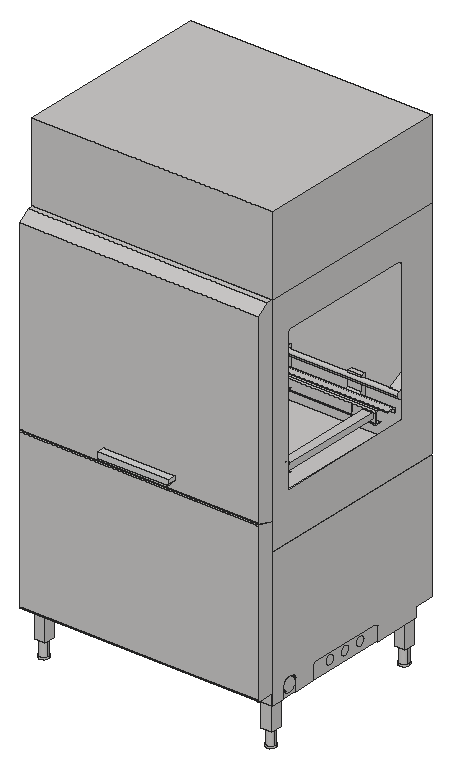
Revit family "QF_ELECTROLUXPROFESSIONAL_535136_NLDDRE5M", category Specialty Equipment, Revit 2023
Family settings
  Round Connector Dimension = Use Diameter
  Part Type = Normal
  Work Plane-Based = No
  Enable Cutting in Views = No
  Always vertical = Yes
  Cut with Voids When Loaded = No
  Maintain Annotation Orientation = No
  Shared = No
  Room Calculation Point = No
Parameters (values of type "NLDDRE56")
  Weight = 116.00 kg
  Watts = 0 W
  Volts = 400 V
  URL Manufacturer = "http://www.electroluxprofessional.com"
  URL = "http://www.electroluxprofessional.com"
  Steam Supply Size = 0 mm
  Steam Supply Minimum Pressure = 0.0 Pa
  Steam Supply Maximum Pressure = 0.0 Pa
  Steam Pounds per Hour = 0
  Show Logo [instance] = yes
  Refrigeration Suction Line Size = 0 mm
  Refrigeration Liquid Line Size = 0 mm
  Refrigerant Compressor Remote = yes
  R_L [instance] = not(L_R)  # no
  Manufacturer = "Electrolux Professional"
  Phase = 3
  Model = "NLDDRE5M"
  Length Actual = 890 mm
  Show Clearance [instance] = yes
  L_R [instance] = yes
  Item Number = "535136"
  Hot Water Size = 0 mm
  Height Actual = 1785 mm
  HP = "11.4 HP"
  Gas Size = 0 mm
  Gas KW = 0
  Gas Input Pressure = 0 W
  Direct Waste Size = 50 mm
  Description = "LARGE DRYER WITH DOOR, DUAL RINSE RT, ELECTRIC, 400V/ 3/ 50Hz - MARINE"
  Depth Actual = 825 mm
  Default Elevation = 0 mm
  DRAIN [instance] = if(L_R, 0 mm, 968 mm)  # 0 mm
  Cycle = 50 Hz
  Condensate Return Size = 0 mm
  Compressed Air Volume = 0.0 L/s
  Compressed Air Size = 0 mm
  Compressed Air Pressure = 0.0 Pa
  Cold Water Size = 0 mm
  Accessory = no
Types (2): name
  NLDDRE56
  Standard
Reference planes
  plane 1 "Center X": y = -16.742
  plane 2: z = 0
  plane 3 "2": x = 506.437
  plane 4 "BACK": y = 388.258
  plane 5 "FEET": z = 150
  plane 6: z = 2095
  plane 7 "BASE": z = 187
  plane 8 "TOP": z = 1785
  plane 9 "FRONT": y = -408.742
  plane 10: y = 311.258
  plane 11 "1": x = -383.563
  plane 12 "LEFT": x = -423.563
  plane 13 "RIGHT": x = 546.437
  plane 14 "DRAIN": x = -423.563
Forms (mm)
  Extrusion 1, solid, material "QF_Finishes_Stainless Steel"
    sketch origin (506.437, 479.936, 4000) x (0, 1, 0) y (0, 0, 1)
      loop
        line (-96.678, -2215) -> (-828.678, -2215) -> (-828.678, -2507) -> (-96.678, -2507) -> (-96.678, -2215)
    from -890 to 0
  Extrusion 2, solid, material "QF_Finishes_Stainless Steel"
    sketch origin (-383.563, 437.565, 4000) x (0, 1, 0) y (0, 0, 1)
      loop
        line (-54.307, -2507) -> (-786.307, -2507) -> (-786.307, -3850) -> (-126.307, -3850) -> (-126.307, -3812) -> (-54.307, -3812) -> (-54.307, -2507)
      loop
        line (-129.307, -2557) -> (-769.307, -2557) -> (-769.307, -3290) -> (-129.307, -3290) -> (-129.307, -2557)
    from 887 to 3
  Extrusion 3, solid, material "QF_Finishes_Stainless Steel"
    sketch origin (-383.563, 437.565, 4000) x (0, 1, 0) y (0, 0, 1)
      loop
        line (-59.307, -3342) -> (-781.307, -3342)
        arc (-781.307, -3342) -> (-784.843, -3343.464) -> (-786.307, -3347) r 5
        line (-786.307, -3347) -> (-786.307, -3850) -> (-741.307, -3850) -> (-741.307, -3813)
        arc (-741.307, -3813) -> (-711.307, -3783) -> (-681.307, -3813) r 30
        line (-681.307, -3813) -> (-681.307, -3850) -> (-602.807, -3850) -> (-602.807, -3803)
        arc (-602.807, -3803) -> (-598.414, -3792.393) -> (-587.807, -3788) r 15
        line (-587.807, -3788) -> (-317.807, -3788)
        arc (-317.807, -3788) -> (-307.201, -3792.393) -> (-302.807, -3803) r 15
        line (-302.807, -3803) -> (-302.807, -3850) -> (-126.307, -3850) -> (-126.307, -3812) -> (-54.307, -3812) -> (-54.307, -3347)
        arc (-54.307, -3347) -> (-55.772, -3343.464) -> (-59.307, -3342) r 5
    from 0 to 3
  Extrusion 4, solid, material "QF_Finishes_Stainless Steel"
    sketch origin (506.437, 479.936, 4000) x (0, 1, 0) y (0, 0, 1)
      loop
        line (-96.678, -2507) -> (-828.678, -2507) -> (-828.678, -3335)
        arc (-828.678, -3335) -> (-827.214, -3338.536) -> (-823.678, -3340) r 5
        line (-823.678, -3340) -> (-101.678, -3340)
        arc (-101.678, -3340) -> (-98.142, -3338.536) -> (-96.678, -3335) r 5
        line (-96.678, -3335) -> (-96.678, -2507)
      loop
        line (-248.879, -2635) -> (-744.477, -2635)
        arc (-744.477, -2635) -> (-756.64, -2640.038) -> (-761.678, -2652.201) r 17.201
        line (-761.678, -2652.201) -> (-761.678, -3167.258) -> (-231.678, -3167.258) -> (-231.678, -2652.201)
        arc (-231.678, -2652.201) -> (-236.716, -2640.038) -> (-248.879, -2635) r 17.201
    from -3 to 0
  Extrusion 5, solid, material "QF_Finishes_Stainless Steel"
    sketch origin (506.437, 479.936, 4000) x (0, 1, 0) y (0, 0, 1)
      loop
        line (-101.678, -3342) -> (-823.678, -3342)
        arc (-823.678, -3342) -> (-827.214, -3343.464) -> (-828.678, -3347) r 5
        line (-828.678, -3347) -> (-828.678, -3850) -> (-783.678, -3850) -> (-783.678, -3813)
        arc (-783.678, -3813) -> (-753.678, -3783) -> (-723.678, -3813) r 30
        line (-723.678, -3813) -> (-723.678, -3850) -> (-645.178, -3850) -> (-645.178, -3803)
        arc (-645.178, -3803) -> (-640.785, -3792.393) -> (-630.178, -3788) r 15
        line (-630.178, -3788) -> (-360.178, -3788)
        arc (-360.178, -3788) -> (-349.571, -3792.393) -> (-345.178, -3803) r 15
        line (-345.178, -3803) -> (-345.178, -3850) -> (-168.678, -3850) -> (-168.678, -3812) -> (-96.678, -3812) -> (-96.678, -3347)
        arc (-96.678, -3347) -> (-98.142, -3343.464) -> (-101.678, -3342) r 5
    from -3 to 0
  Extrusion 6, solid, material "QF_Finishes_Stainless Steel"
    sketch origin (-383.563, 437.565, 4000) x (0, 1, 0) y (0, 0, 1)
      loop
        circle (-454.307, -3813) r 15
      loop
        circle (-524.307, -3813) r 15
      loop
        circle (-384.307, -3813) r 15
    from 0 to 3
  Extrusion 7, solid, material "QF_Finishes_Stainless Steel"
    sketch origin (-383.563, 437.565, 4000) x (0, 1, 0) y (0, 0, 1)
      loop
        circle (-711.307, -3813) r 25
    from 0 to 3
  Extrusion 8, solid, material "QF_Finishes_Stainless Steel"
    sketch origin (506.437, 479.936, 4000) x (0, 1, 0) y (0, 0, 1)
      loop
        circle (-496.678, -3813) r 15
      loop
        circle (-566.678, -3813) r 15
      loop
        circle (-426.678, -3813) r 15
    from 0 to -3
  Extrusion 9, solid, material "QF_Finishes_Stainless Steel"
    sketch origin (506.437, 479.936, 4000) x (0, 1, 0) y (0, 0, 1)
      loop
        circle (-753.678, -3813) r 25
    from 0 to -3
  Extrusion 10, solid, material "QF_Finishes_Stainless Steel"
    sketch origin (-383.563, 437.565, 4000) x (0, 1, 0) y (0, 0, 1)
      loop
        line (-54.307, -2507) -> (-786.307, -2507) -> (-786.307, -3335)
        arc (-786.307, -3335) -> (-784.843, -3338.536) -> (-781.307, -3340) r 5
        line (-781.307, -3340) -> (-59.307, -3340)
        arc (-59.307, -3340) -> (-55.772, -3338.536) -> (-54.307, -3335) r 5
        line (-54.307, -3335) -> (-54.307, -2507)
      loop
        line (-206.509, -2635) -> (-702.106, -2635)
        arc (-702.106, -2635) -> (-714.269, -2640.038) -> (-719.307, -2652.201) r 17.201
        line (-719.307, -2652.201) -> (-719.307, -3167.258) -> (-189.307, -3167.258) -> (-189.307, -2652.201)
        arc (-189.307, -2652.201) -> (-194.345, -2640.038) -> (-206.509, -2635) r 17.201
    from 3 to 0
  Extrusion 11, solid, material "QF_Finishes_Stainless Steel", visible <- "L_R"
    sketch origin (-383.563, 0, 0) x (0, 1, 0) y (0, 0, 1)
      loop
        circle (-273.742, 187) r 25
    from 0 to -38
  Extrusion 12, solid, material "QF_Finishes_Stainless Steel", visible <- "R_L"
    sketch origin (506.437, 479.936, 4000) x (0, 1, 0) y (0, 0, 1)
      loop
        circle (-753.678, -3813) r 25
    from 0 to 38
  Extrusion 13, solid, material "QF_Finishes_Stainless Steel", not visible
    sketch origin (-423.563, 0, 0) x (0, 1, 0) y (0, 0, 1)
      loop
        circle (-273.742, 187) r 25
    from 0 to 2
  Extrusion 14, solid, material "QF_Clearance", detail levels coarse
    sketch origin (516.437, -74.242, 0) x (1, 0, 0) y (0, 1, 0)
      loop
        line (-900, 462.5) -> (-10, 462.5) -> (-10, 512.5) -> (-900, 512.5) -> (-900, 462.5)
    from -100 to 1785
Lines and regions (mm)
  symbolic lines
    curve 1: line (-383.563, 383.258, 0) -> (506.437, 383.258, 0)
    curve 2: line (-383.563, -348.742, 0) -> (-383.563, 383.258, 0)
    curve 3: line (506.437, -348.742, 0) -> (-383.563, -348.742, 0)
    curve 4: line (506.437, 383.258, 0) -> (506.437, -348.742, 0)
    curve 7: line (-383.563, 383.258, 0) -> (506.437, -348.742, 0)
    curve 14: line (-383.563, -16.742, 0) -> (-368.563, -16.742, 0)
    curve 15: line (491.437, -16.742, 0) -> (506.437, -16.742, 0)
  symbolic lines, style "SpecialityEquipment"
    curve 5: line (506.437, -281.742, 0) -> (-383.563, -281.742, 0)
    curve 6: line (-383.563, 308.258, 0) -> (506.437, 308.258, 0)
  symbolic lines, style "SpecialityEquipmentHiddenLines", visible <- "R_L"
    curve 8: line (546.437, -298.742, 0) -> (546.437, -248.742, 0)
    curve 9: line (546.437, -248.742, 0) -> (506.437, -248.742, 0)
    curve 10: line (546.437, -298.742, 0) -> (506.437, -298.742, 0)
  symbolic lines, style "SpecialityEquipmentHiddenLines", visible <- "L_R"
    curve 11: line (-423.563, -248.742, 0) -> (-423.563, -298.742, 0)
    curve 12: line (-423.563, -248.742, 0) -> (-383.563, -248.742, 0)
    curve 13: line (-423.563, -298.742, 0) -> (-383.563, -298.742, 0)
  symbolic lines, style "QF_Clearances"
    curve 16: line (-383.563, 438.258, 0) -> (506.437, 438.258, 0)
Dimensions and locks
  plane 4 "BACK" to plane 1 "Center X" to plane 9 "FRONT" = 405 mm, 392 mm
  plane 5 "FEET" to level = 150 mm
  plane 3 "2" to Extrusion 5 = 3 mm
  plane 5 "FEET" to plane 8 "TOP" = 1635 mm
  plane 4 "BACK" to plane 9 "FRONT" = 797 mm  (x2)
  nested 1 to nested 4 to nested 4 to nested 4 = 732 mm, 60 mm, 30 mm
  "DRAIN": plane 12 "LEFT" to plane 14 "DRAIN"
  aligned and locked: level to plane 2
Automatic sketch dimensions
  plane 8 "TOP" to Extrusion 1 sketch curve = 0 mm
  plane 9 "FRONT" to Extrusion 1 sketch curve = 60 mm
  Extrusion 1 sketch curve to plane 4 "BACK" = 5 mm
  Extrusion 1 sketch curve to Extrusion 1 sketch curve = 292 mm
  Extrusion 2 sketch curve to plane 5 "FEET" = 0 mm
  Extrusion 2 sketch curve to plane 10 = 0 mm
  plane 10 to Extrusion 2 sketch curve = 3 mm
  plane 9 "FRONT" to Extrusion 2 sketch curve = 77 mm
  Extrusion 2 sketch curve to Extrusion 2 sketch curve = 17 mm
  plane 7 "BASE" to Extrusion 2 sketch curve = 1 mm
  Extrusion 2 sketch curve to plane 4 "BACK" = 5 mm
  Extrusion 2 sketch curve to Extrusion 2 sketch curve = 522 mm
  plane 8 "TOP" to Extrusion 2 sketch curve = 342 mm
  Extrusion 2 sketch curve to Extrusion 2 sketch curve = 50 mm
  Extrusion 3 sketch curve to plane 5 "FEET" = 0 mm  (x3)
  Extrusion 3 sketch curve to plane 7 "BASE" = 0 mm
  Extrusion 3 sketch curve to plane 10 = 0 mm
  plane 7 "BASE" to Extrusion 3 sketch curve = 10 mm  (x2)
  Extrusion 3 sketch curve to plane 1 "Center X" = 151.5 mm
  Extrusion 3 sketch curve to Extrusion 3 sketch curve = 15 mm
  plane 1 "Center X" to Extrusion 3 sketch curve = 133.5 mm
  Extrusion 3 sketch curve to Extrusion 3 sketch curve = 78.5 mm
  Extrusion 3 sketch curve to Extrusion 3 sketch curve = 30 mm
  plane 9 "FRONT" to Extrusion 3 sketch curve = 65 mm
  Extrusion 3 sketch curve to Extrusion 3 sketch curve = 5 mm
  Extrusion 3 sketch curve to plane 4 "BACK" = 10 mm
  Extrusion 3 sketch curve to plane 4 "BACK" = 5 mm
  plane 7 "BASE" to Extrusion 3 sketch curve = 1 mm
  Extrusion 3 sketch curve to Extrusion 3 sketch curve = 465 mm
  plane 9 "FRONT" to Extrusion 4 sketch curve = 60 mm
  Extrusion 4 sketch curve to Extrusion 4 sketch curve = 5 mm
  plane 9 "FRONT" to Extrusion 4 sketch curve = 127 mm
  Extrusion 4 sketch curve to Extrusion 4 sketch curve = 17.201 mm  (x2)
  plane 10 to Extrusion 4 sketch curve = 80.201 mm
  plane 10 to Extrusion 4 sketch curve = 63 mm
  Extrusion 4 sketch curve to plane 4 "BACK" = 10 mm
  Extrusion 4 sketch curve to plane 4 "BACK" = 5 mm
  plane 7 "BASE" to Extrusion 4 sketch curve = 473 mm
  Extrusion 4 sketch curve to Extrusion 4 sketch curve = 167.742 mm
  plane 8 "TOP" to Extrusion 4 sketch curve = 437.201 mm
  Extrusion 4 sketch curve to Extrusion 4 sketch curve = 0 mm
  Extrusion 4 sketch curve to Extrusion 4 sketch curve = 145.201 mm
  Extrusion 5 sketch curve to plane 5 "FEET" = 0 mm  (x3)
  Extrusion 5 sketch curve to plane 7 "BASE" = 0 mm
  Extrusion 5 sketch curve to plane 10 = 0 mm
  plane 7 "BASE" to Extrusion 5 sketch curve = 10 mm  (x2)
  Extrusion 5 sketch curve to plane 1 "Center X" = 151.5 mm
  Extrusion 5 sketch curve to Extrusion 5 sketch curve = 15 mm
  plane 1 "Center X" to Extrusion 5 sketch curve = 133.5 mm
  Extrusion 5 sketch curve to Extrusion 5 sketch curve = 78.5 mm
  Extrusion 5 sketch curve to Extrusion 5 sketch curve = 30 mm
  plane 9 "FRONT" to Extrusion 5 sketch curve = 65 mm
  Extrusion 5 sketch curve to Extrusion 5 sketch curve = 5 mm
  Extrusion 5 sketch curve to plane 4 "BACK" = 10 mm
  Extrusion 5 sketch curve to plane 4 "BACK" = 5 mm
  plane 7 "BASE" to Extrusion 5 sketch curve = 1 mm
  Extrusion 5 sketch curve to Extrusion 5 sketch curve = 465 mm
  Extrusion 6 sketch curve to plane 7 "BASE" = 0 mm  (x3)
  Extrusion 6 sketch curve to plane 1 "Center X" = 0 mm
  Extrusion 6 sketch curve to Extrusion 6 sketch curve = 70 mm
  Extrusion 6 sketch curve to plane 1 "Center X" = 70 mm
  Extrusion 7 sketch curve to plane 7 "BASE" = 0 mm
  plane 9 "FRONT" to Extrusion 7 sketch curve = 135 mm
  Extrusion 8 sketch curve to plane 7 "BASE" = 0 mm  (x3)
  Extrusion 8 sketch curve to plane 1 "Center X" = 0 mm
  Extrusion 8 sketch curve to Extrusion 8 sketch curve = 70 mm
  Extrusion 8 sketch curve to plane 1 "Center X" = 70 mm
  Extrusion 9 sketch curve to plane 7 "BASE" = 0 mm
  plane 9 "FRONT" to Extrusion 9 sketch curve = 135 mm
  plane 9 "FRONT" to Extrusion 10 sketch curve = 60 mm
  Extrusion 10 sketch curve to Extrusion 10 sketch curve = 5 mm
  plane 9 "FRONT" to Extrusion 10 sketch curve = 127 mm
  Extrusion 10 sketch curve to Extrusion 10 sketch curve = 17.201 mm  (x2)
  plane 10 to Extrusion 10 sketch curve = 80.201 mm
  plane 10 to Extrusion 10 sketch curve = 63 mm
  Extrusion 10 sketch curve to plane 4 "BACK" = 10 mm
  Extrusion 10 sketch curve to plane 4 "BACK" = 5 mm
  plane 7 "BASE" to Extrusion 10 sketch curve = 473 mm
  Extrusion 10 sketch curve to Extrusion 10 sketch curve = 167.742 mm
  plane 8 "TOP" to Extrusion 10 sketch curve = 437.201 mm
  Extrusion 10 sketch curve to Extrusion 10 sketch curve = 0 mm
  Extrusion 10 sketch curve to Extrusion 10 sketch curve = 145.201 mm
  Extrusion 11 sketch curve to plane 7 "BASE" = 0 mm
  plane 9 "FRONT" to Extrusion 11 sketch curve = 135 mm
  Extrusion 12 sketch curve to plane 7 "BASE" = 0 mm
  plane 9 "FRONT" to Extrusion 12 sketch curve = 135 mm
  Extrusion 13 sketch curve to plane 7 "BASE" = 0 mm
  plane 9 "FRONT" to Extrusion 13 sketch curve = 135 mm
  plane 12 "LEFT" to Extrusion 14 sketch curve = 40 mm
  Extrusion 14 sketch curve to plane 13 "RIGHT" = 40 mm
  plane 4 "BACK" to Extrusion 14 sketch curve = 0 mm
  Extrusion 14 sketch curve to Extrusion 14 sketch curve = 50 mm
  curve 11 to plane 12 "LEFT" = 0 mm
  curve 13 to plane 11 "1" = 0 mm
  curve 16 to plane 11 "1" = 0 mm
  curve 9 to plane 3 "2" = 0 mm
  curve 16 to plane 3 "2" = 0 mm
  curve 8 to plane 13 "RIGHT" = 0 mm
  plane 9 "FRONT" to curve 4 = 60 mm
  curve 2 to curve 13 = 50 mm
  curve 3 to curve 8 = 50 mm
  curve 11 to curve 12 = 50 mm
  curve 8 to curve 8 = 50 mm
  curve 1 to plane 4 "BACK" = 5 mm
  curve 14 to plane 1 "Center X" = 0 mm
  plane 11 "1" to curve 14 = 15 mm
  curve 15 to plane 1 "Center X" = 0 mm
  curve 15 to curve 15 = 15 mm
  curve 10 to curve 5 = 17 mm
  plane 10 to curve 6 = 3 mm
  plane 4 "BACK" to curve 16 = 50 mm
  radius of Extrusion 6 sketch curve = 15 mm  (x3)
  radius of Extrusion 7 sketch curve = 25 mm
  radius of Extrusion 8 sketch curve = 15 mm  (x3)
  radius of Extrusion 9 sketch curve = 25 mm
  radius of Extrusion 11 sketch curve = 25 mm
  radius of Extrusion 12 sketch curve = 25 mm
  radius of Extrusion 13 sketch curve = 25 mm
Nested families
  nested 1: "Basket_Guide+Wash_Arm_35''" at (-348, 0, 0), type "Basket_Guide+Wash_Arm_35''"
  nested 2: "Foot_40x40_H150" at (-357.563, -326.742, 0) x (-1, 0, 0) z (0, 0, 1), type "Foot_40x40_H150"
  nested 3: "Foot_40x40_H150" at (-357.563, 289.258, 0) x (-1, 0, 0) z (0, 0, 1), type "Foot_40x40_H150"
  nested 4: "Door_35''" at (-289, 0, 0), Show Clearance <- "Show Clearance", type "Door_35''"
  nested 5: "Foot_40x40_H150" at (480.437, -326.742, 0), type "Foot_40x40_H150"
  nested 6: "Foot_40x40_H150" at (480.437, 289.258, 0), type "Foot_40x40_H150"
Connectors
  piping at (-423.563, -273.742, 187), diameter 50
    settings: on Extrusion 13, index 1, connector inside diameter 609.6 mm, connector length 0 mm, flow factor 0, pipe flow 0.0 L/s, pressure drop 0.0 Pa, fitting loss kfactor 0, connector angle 0.00°, fixture units 0, engagement length 0 mm, angle of deflection 0.00°, flow configuration 0, flow direction 2, fitting loss method 0, system type 16, joint type 0, gender type 0, connector reference index -1, connector utility 0, adjustable connector no, is connector primary yes, connector description "DRAIN"
Definition of nested family "Basket_Guide+Wash_Arm_35''"
  Parameters
    Default Elevation = 0 mm
  Reference planes
    plane 1: z = 0
    plane 2 "Center Y": x = 409.437
    plane 3 "LEFT": x = -35.563
    plane 4 "BACK": y = 383.258
    plane 5 "FRONT": y = -408.742
    plane 6: z = 150
    plane 7 "TOP": z = 1785
    plane 8: z = 875
    plane 9 "RIGHT": x = 854.437
    plane 10 "L1": x = 134.437
    plane 11 "L2": x = 684.437
  Forms (mm)
    Extrusion 1, solid
      sketch origin (427.437, -18.984, 0) x (0, -1, 0) y (0, 0, 1)
        loop
          line (264.703, 929.245) -> (264.703, 907.554) -> (312.758, 879.81) -> (312.758, 956.99) -> (264.703, 929.245)
        loop
          line (-259.187, 929.245) -> (-307.242, 956.99) -> (-327.242, 956.99) -> (-327.242, 879.81) -> (-307.242, 879.81) -> (-259.187, 907.554) -> (-259.187, 929.245)
      from -424 to -388
    Extrusion 2, solid
      sketch origin (293.437, -18.984, 0) x (0, -1, 0) y (0, 0, 1)
        loop
          circle (264.703, 918.4) r 10
        loop
          circle (-259.187, 918.4) r 10
      from -558 to 326
    Extrusion 3, solid
      sketch origin (293.437, -18.984, 0) x (0, -1, 0) y (0, 0, 1)
        loop
          line (-252.564, 858) -> (-252.564, 870.68)
          arc (-252.564, 870.68) -> (-251.884, 872.32) -> (-250.244, 873) r 2.32
          line (-250.244, 873) -> (-222.564, 873) -> (-222.564, 875) -> (-250.244, 875)
          arc (-250.244, 875) -> (-253.299, 873.735) -> (-254.564, 870.68) r 4.32
          line (-254.564, 870.68) -> (-254.564, 858) -> (-252.564, 858)
        loop
          line (258.08, 858) -> (260.08, 858) -> (260.08, 870.68)
          arc (260.08, 870.68) -> (258.815, 873.735) -> (255.76, 875) r 4.32
          line (255.76, 875) -> (228.08, 875) -> (228.08, 873) -> (255.76, 873)
          arc (255.76, 873) -> (257.401, 872.32) -> (258.08, 870.68) r 2.32
          line (258.08, 870.68) -> (258.08, 858)
      from -545 to 313
    Extrusion 4, solid
      sketch origin (293.437, -18.984, 0) x (0, -1, 0) y (0, 0, 1)
        loop
          arc (-216.187, 825.32) -> (-216.866, 823.679) -> (-218.507, 823) r 2.32
          line (-218.507, 823) -> (-236.187, 823) -> (-236.187, 821) -> (-218.507, 821)
          arc (-218.507, 821) -> (-215.452, 822.265) -> (-214.187, 825.32) r 4.32
          line (-214.187, 825.32) -> (-214.187, 861.68)
          arc (-214.187, 861.68) -> (-215.452, 864.735) -> (-218.507, 866) r 4.32
          line (-218.507, 866) -> (-236.187, 866) -> (-236.187, 864) -> (-218.507, 864)
          arc (-218.507, 864) -> (-216.866, 863.32) -> (-216.187, 861.68) r 2.32
          line (-216.187, 861.68) -> (-216.187, 825.32)
        loop
          line (221.703, 825.32) -> (221.703, 861.68)
          arc (221.703, 861.68) -> (222.383, 863.32) -> (224.023, 864) r 2.32
          line (224.023, 864) -> (241.703, 864) -> (241.703, 866) -> (224.023, 866)
          arc (224.023, 866) -> (220.969, 864.735) -> (219.703, 861.68) r 4.32
          line (219.703, 861.68) -> (219.703, 825.32)
          arc (219.703, 825.32) -> (220.969, 822.265) -> (224.023, 821) r 4.32
          line (224.023, 821) -> (241.703, 821) -> (241.703, 823) -> (224.023, 823)
          arc (224.023, 823) -> (222.383, 823.679) -> (221.703, 825.32) r 2.32
      from -505 to 273
    Extrusion 5, solid
      sketch origin (391.437, -18.984, 0) x (0, -1, 0) y (0, 0, 1)
        loop
          line (264.703, 929.245) -> (264.703, 907.554) -> (312.758, 879.81) -> (312.758, 956.99) -> (264.703, 929.245)
        loop
          line (-259.187, 929.245) -> (-307.242, 956.99) -> (-327.242, 956.99) -> (-327.242, 879.81) -> (-307.242, 879.81) -> (-259.187, 907.554) -> (-259.187, 929.245)
      from 424 to 388
    Extrusion 6, solid
      sketch origin (428.437, -18.984, 0) x (0, -1, 0) y (0, 0, 1)
        loop
          line (219.703, 858) -> (-214.187, 858) -> (-214.187, 836) -> (219.703, 836) -> (219.703, 858)
      from -360 to -325
    Extrusion 7, solid
      sketch origin (390.437, -18.984, 0) x (0, -1, 0) y (0, 0, 1)
        loop
          line (219.703, 858) -> (-214.187, 858) -> (-214.187, 836) -> (219.703, 836) -> (219.703, 858)
      from 360 to 325
    Extrusion 8, solid
      sketch origin (409.437, 308.258, 1443) x (0, 0, 1) y (-1, 0, 0)
        loop
          line (-650.516, 7.5) -> (-663.507, 15) -> (-676.497, 7.5) -> (-676.497, -7.5) -> (-663.507, -15) -> (-650.516, -7.5) -> (-650.516, 7.5)
        loop
          line (-22.01, 7.5) -> (-35, 15) -> (-47.99, 7.5) -> (-47.99, -7.5) -> (-35, -15) -> (-22.01, -7.5) -> (-22.01, 7.5)
      from 0 to 30
    Extrusion 9, solid
      sketch origin (409.437, 278.258, 1443) x (0, 0, 1) y (-1, 0, 0)
        loop
          circle (-663.507, 0) r 10
        loop
          circle (-35, 0) r 10
      from 0 to 537.443
    Extrusion 10, solid
      sketch origin (409.437, 0, 0) x (0, 1, 0) y (0, 0, 1)
        loop
          line (-283.687, 880.8) -> (-283.687, 933.4) -> (-301.108, 933.4) -> (-301.108, 856.308) -> (-249.185, 804.385) -> (-240.463, 763.388) -> (-239.485, 763.596) -> (-248.268, 804.882) -> (-277.084, 833.698) -> (-240.687, 833.698) -> (-240.687, 855.89) -> (-260.687, 855.89) -> (-260.687, 872.8) -> (-275.687, 872.8) -> (-283.687, 880.8)
        loop
          line (240.203, 880.8) -> (232.203, 872.8) -> (217.203, 872.8) -> (217.203, 855.89) -> (197.203, 855.89) -> (197.203, 833.698) -> (235.015, 833.698) -> (257.624, 856.308) -> (257.624, 933.4) -> (240.203, 933.4) -> (240.203, 880.8)
        loop
          line (-259.185, 1443) -> (-259.185, 1420.164) -> (-236.567, 1380.988) -> (-234.835, 1381.988) -> (-257.185, 1420.7) -> (-257.185, 1443) -> (-259.185, 1443)
      from -25 to 25
    Extrusion 11, solid
      sketch origin (134.437, 308.258, 1443) x (0, 0, 1) y (-1, 0, 0)
        loop
          line (-650.516, 7.5) -> (-663.507, 15) -> (-676.497, 7.5) -> (-676.497, -7.5) -> (-663.507, -15) -> (-650.516, -7.5) -> (-650.516, 7.5)
        loop
          line (-22.01, 7.5) -> (-35, 15) -> (-47.99, 7.5) -> (-47.99, -7.5) -> (-35, -15) -> (-22.01, -7.5) -> (-22.01, 7.5)
      from 0 to 30
    Extrusion 12, solid
      sketch origin (134.437, 278.258, 1443) x (0, 0, 1) y (-1, 0, 0)
        loop
          circle (-663.507, 0) r 10
        loop
          circle (-35, 0) r 10
      from 0 to 537.443
    Extrusion 13, solid
      sketch origin (684.437, 308.258, 1443) x (0, 0, 1) y (-1, 0, 0)
        loop
          line (-650.516, 7.5) -> (-663.507, 15) -> (-676.497, 7.5) -> (-676.497, -7.5) -> (-663.507, -15) -> (-650.516, -7.5) -> (-650.516, 7.5)
        loop
          line (-22.01, 7.5) -> (-35, 15) -> (-47.99, 7.5) -> (-47.99, -7.5) -> (-35, -15) -> (-22.01, -7.5) -> (-22.01, 7.5)
      from 0 to 30
    Extrusion 14, solid
      sketch origin (684.437, 278.258, 1443) x (0, 0, 1) y (-1, 0, 0)
        loop
          circle (-663.507, 0) r 10
        loop
          circle (-35, 0) r 10
      from 0 to 537.443
    Extrusion 15, solid
      sketch origin (134.437, 0, 0) x (0, 1, 0) y (0, 0, 1)
        loop
          line (-283.687, 880.8) -> (-283.687, 933.4) -> (-301.108, 933.4) -> (-301.108, 856.308) -> (-249.185, 804.385) -> (-240.463, 763.388) -> (-239.485, 763.596) -> (-248.268, 804.882) -> (-277.084, 833.698) -> (-240.687, 833.698) -> (-240.687, 855.89) -> (-260.687, 855.89) -> (-260.687, 872.8) -> (-275.687, 872.8) -> (-283.687, 880.8)
        loop
          line (240.203, 880.8) -> (232.203, 872.8) -> (217.203, 872.8) -> (217.203, 855.89) -> (197.203, 855.89) -> (197.203, 833.698) -> (235.015, 833.698) -> (257.624, 856.308) -> (257.624, 933.4) -> (240.203, 933.4) -> (240.203, 880.8)
        loop
          line (-259.185, 1443) -> (-259.185, 1420.164) -> (-236.567, 1380.988) -> (-234.835, 1381.988) -> (-257.185, 1420.7) -> (-257.185, 1443) -> (-259.185, 1443)
      from -25 to 25
    Extrusion 16, solid
      sketch origin (684.437, 0, 0) x (0, 1, 0) y (0, 0, 1)
        loop
          line (-283.687, 880.8) -> (-283.687, 933.4) -> (-301.108, 933.4) -> (-301.108, 856.308) -> (-249.185, 804.385) -> (-240.463, 763.388) -> (-239.485, 763.596) -> (-248.268, 804.882) -> (-277.084, 833.698) -> (-240.687, 833.698) -> (-240.687, 855.89) -> (-260.687, 855.89) -> (-260.687, 872.8) -> (-275.687, 872.8) -> (-283.687, 880.8)
        loop
          line (240.203, 880.8) -> (232.203, 872.8) -> (217.203, 872.8) -> (217.203, 855.89) -> (197.203, 855.89) -> (197.203, 833.698) -> (235.015, 833.698) -> (257.624, 856.308) -> (257.624, 933.4) -> (240.203, 933.4) -> (240.203, 880.8)
        loop
          line (-259.185, 1443) -> (-259.185, 1420.164) -> (-236.567, 1380.988) -> (-234.835, 1381.988) -> (-257.185, 1420.7) -> (-257.185, 1443) -> (-259.185, 1443)
      from -25 to 25
  Cuts and joins
    joined: Extrusion 1, Extrusion 2, Extrusion 3, Extrusion 4, Extrusion 5, Extrusion 6, Extrusion 7, Extrusion 8, Extrusion 9, Extrusion 10
  Dimensions and locks
    plane 3 "LEFT" to plane 9 "RIGHT" = 890 mm
    equal spacing: plane 3 "LEFT", plane 2 "Center Y", plane 9 "RIGHT", locked at 445 each
    plane 7 "TOP" to plane 6 to level = 1635 mm, 150 mm
    plane 4 "BACK" to plane 5 "FRONT" = 792 mm
    aligned and locked: level to plane 1
  Automatic sketch dimensions
    plane 8 to Extrusion 1 sketch curve = 4.81 mm  (x2)
    Extrusion 1 sketch curve to plane 4 "BACK" = 75 mm
    Extrusion 1 sketch curve to Extrusion 1 sketch curve = 20 mm  (x2)
    Extrusion 1 sketch curve to Extrusion 1 sketch curve = 48.055 mm  (x2)
    plane 8 to Extrusion 1 sketch curve = 32.554 mm  (x2)
    plane 5 "FRONT" to Extrusion 1 sketch curve = 125.055 mm
    Extrusion 1 sketch curve to Extrusion 1 sketch curve = 21.691 mm  (x2)
    Extrusion 1 sketch curve to Extrusion 1 sketch curve = 27.745 mm  (x2)
    plane 8 to Extrusion 2 sketch curve = 43.4 mm  (x2)
    Extrusion 2 sketch curve to plane 4 "BACK" = 143.055 mm
    plane 5 "FRONT" to Extrusion 2 sketch curve = 125.055 mm
    Extrusion 3 sketch curve to Extrusion 3 sketch curve = 0 mm  (x4)
    Extrusion 3 sketch curve to plane 8 = 0 mm  (x2)
    Extrusion 3 sketch curve to plane 8 = 4.32 mm  (x2)
    Extrusion 3 sketch curve to plane 4 "BACK" = 147.678 mm
    Extrusion 3 sketch curve to Extrusion 3 sketch curve = 2 mm  (x2)
    Extrusion 3 sketch curve to Extrusion 3 sketch curve = 27.68 mm  (x2)
    plane 5 "FRONT" to Extrusion 3 sketch curve = 161.678 mm
    Extrusion 3 sketch curve to Extrusion 3 sketch curve = 12.68 mm  (x2)
    Extrusion 4 sketch curve to Extrusion 4 sketch curve = 0 mm  (x9)
    Extrusion 4 sketch curve to plane 8 = 9 mm
    Extrusion 4 sketch curve to plane 4 "BACK" = 166.055 mm
    Extrusion 4 sketch curve to Extrusion 4 sketch curve = 17.68 mm  (x4)
    Extrusion 4 sketch curve to Extrusion 4 sketch curve = 2.32 mm  (x3)
    Extrusion 4 sketch curve to Extrusion 4 sketch curve = 2 mm  (x2)
    Extrusion 4 sketch curve to plane 8 = 49.68 mm
    plane 5 "FRONT" to Extrusion 4 sketch curve = 170.055 mm
    Extrusion 4 sketch curve to Extrusion 4 sketch curve = 43 mm
    Extrusion 4 sketch curve to plane 8 = 13.32 mm
    plane 8 to Extrusion 5 sketch curve = 4.81 mm  (x2)
    Extrusion 5 sketch curve to plane 4 "BACK" = 75 mm
    Extrusion 5 sketch curve to Extrusion 5 sketch curve = 20 mm  (x2)
    Extrusion 5 sketch curve to Extrusion 5 sketch curve = 48.055 mm  (x2)
    plane 8 to Extrusion 5 sketch curve = 32.554 mm  (x2)
    plane 5 "FRONT" to Extrusion 5 sketch curve = 125.055 mm
    Extrusion 5 sketch curve to Extrusion 5 sketch curve = 21.691 mm  (x2)
    Extrusion 5 sketch curve to Extrusion 5 sketch curve = 27.745 mm  (x2)
    Extrusion 6 sketch curve to plane 8 = 17 mm
    Extrusion 6 sketch curve to plane 4 "BACK" = 188.055 mm
    Extrusion 6 sketch curve to plane 8 = 39 mm
    plane 5 "FRONT" to Extrusion 6 sketch curve = 170.055 mm
    Extrusion 7 sketch curve to plane 8 = 17 mm
    Extrusion 7 sketch curve to plane 4 "BACK" = 188.055 mm
    Extrusion 7 sketch curve to plane 8 = 39 mm
    plane 5 "FRONT" to Extrusion 7 sketch curve = 170.055 mm
    plane 2 "Center Y" to Extrusion 8 sketch curve = 7.5 mm  (x4)
    Extrusion 8 sketch curve to plane 8 = 108.497 mm
    plane 2 "Center Y" to Extrusion 8 sketch curve = 15 mm  (x2)
    Extrusion 8 sketch curve to Extrusion 8 sketch curve = 12.99 mm  (x6)
    Extrusion 8 sketch curve to plane 2 "Center Y" = 15 mm  (x2)
    Extrusion 8 sketch curve to plane 2 "Center Y" = 7.5 mm  (x4)
    Extrusion 8 sketch curve to plane 7 "TOP" = 389.99 mm
    Extrusion 9 sketch curve to Extrusion 8 = 12.99 mm  (x3)
    Extrusion 9 sketch curve to Extrusion 9 sketch curve = 0 mm
    Extrusion 10 sketch curve to plane 8 = 18.692 mm  (x2)
    plane 5 "FRONT" to Extrusion 10 sketch curve = 107.634 mm
    plane 8 to Extrusion 10 sketch curve = 58.4 mm
    Extrusion 10 sketch curve to Extrusion 10 sketch curve = 17.421 mm  (x3)
    plane 8 to Extrusion 10 sketch curve = 5.8 mm  (x2)
    Extrusion 10 sketch curve to Extrusion 10 sketch curve = 24.024 mm
    Extrusion 10 sketch curve to plane 8 = 2.2 mm  (x2)
    Extrusion 10 sketch curve to Extrusion 10 sketch curve = 8 mm  (x2)
    Extrusion 10 sketch curve to Extrusion 10 sketch curve = 15 mm  (x2)
    plane 5 "FRONT" to Extrusion 10 sketch curve = 149.557 mm
    Extrusion 10 sketch curve to Extrusion 10 sketch curve = 2 mm
    Extrusion 10 sketch curve to plane 8 = 70.615 mm
    Extrusion 10 sketch curve to Extrusion 10 sketch curve = 27.899 mm
    Extrusion 10 sketch curve to plane 8 = 70.118 mm
    Extrusion 10 sketch curve to Extrusion 10 sketch curve = 0.916 mm
    Extrusion 10 sketch curve to Extrusion 10 sketch curve = 7.581 mm
    Extrusion 10 sketch curve to Extrusion 10 sketch curve = 8.721 mm
    Extrusion 10 sketch curve to plane 8 = 111.404 mm
    Extrusion 10 sketch curve to Extrusion 10 sketch curve = 20.618 mm
    Extrusion 10 sketch curve to Extrusion 10 sketch curve = 1.732 mm
    Extrusion 10 sketch curve to plane 8 = 41.302 mm
    Extrusion 10 sketch curve to plane 4 "BACK" = 186.055 mm
    Extrusion 10 sketch curve to Extrusion 10 sketch curve = 20 mm
    Extrusion 10 sketch curve to Extrusion 10 sketch curve = 17.811 mm
    Extrusion 10 sketch curve to Extrusion 10 sketch curve = 0 mm
    Extrusion 10 sketch curve to Extrusion 10 sketch curve = 22.61 mm
    Extrusion 10 sketch curve to plane 8 = 19.11 mm
    Extrusion 10 sketch curve to Extrusion 10 sketch curve = 16.909 mm
    Extrusion 10 sketch curve to Extrusion 10 sketch curve = 52.6 mm
    Extrusion 10 sketch curve to plane 7 "TOP" = 404.012 mm
    Extrusion 10 sketch curve to Extrusion 10 sketch curve = 1 mm
    Extrusion 10 sketch curve to Extrusion 10 sketch curve = 22.3 mm
    plane 10 "L1" to Extrusion 11 sketch curve = 7.5 mm  (x4)
    Extrusion 11 sketch curve to plane 8 = 108.497 mm
    plane 10 "L1" to Extrusion 11 sketch curve = 15 mm  (x2)
    Extrusion 11 sketch curve to Extrusion 11 sketch curve = 12.99 mm  (x6)
    Extrusion 11 sketch curve to plane 10 "L1" = 15 mm  (x2)
    Extrusion 11 sketch curve to plane 10 "L1" = 7.5 mm  (x4)
    Extrusion 11 sketch curve to plane 7 "TOP" = 389.99 mm
    Extrusion 12 sketch curve to Extrusion 11 = 12.99 mm  (x3)
    Extrusion 12 sketch curve to Extrusion 12 sketch curve = 0 mm
    plane 11 "L2" to Extrusion 13 sketch curve = 7.5 mm  (x4)
    Extrusion 13 sketch curve to plane 8 = 108.497 mm
    plane 11 "L2" to Extrusion 13 sketch curve = 15 mm  (x2)
    Extrusion 13 sketch curve to Extrusion 13 sketch curve = 12.99 mm  (x6)
    Extrusion 13 sketch curve to plane 11 "L2" = 15 mm  (x2)
    Extrusion 13 sketch curve to plane 11 "L2" = 7.5 mm  (x4)
    Extrusion 13 sketch curve to plane 7 "TOP" = 389.99 mm
    Extrusion 14 sketch curve to Extrusion 13 = 12.99 mm  (x3)
    Extrusion 14 sketch curve to Extrusion 14 sketch curve = 0 mm
    Extrusion 15 sketch curve to plane 8 = 18.692 mm  (x2)
    plane 5 "FRONT" to Extrusion 15 sketch curve = 107.634 mm
    plane 8 to Extrusion 15 sketch curve = 58.4 mm
    Extrusion 15 sketch curve to Extrusion 15 sketch curve = 17.421 mm  (x3)
    plane 8 to Extrusion 15 sketch curve = 5.8 mm  (x2)
    Extrusion 15 sketch curve to Extrusion 15 sketch curve = 24.024 mm
    Extrusion 15 sketch curve to plane 8 = 2.2 mm  (x2)
    Extrusion 15 sketch curve to Extrusion 15 sketch curve = 8 mm  (x2)
    Extrusion 15 sketch curve to Extrusion 15 sketch curve = 15 mm  (x2)
    plane 5 "FRONT" to Extrusion 15 sketch curve = 149.557 mm
    Extrusion 15 sketch curve to Extrusion 15 sketch curve = 2 mm
    Extrusion 15 sketch curve to plane 8 = 70.615 mm
    Extrusion 15 sketch curve to Extrusion 15 sketch curve = 27.899 mm
    Extrusion 15 sketch curve to plane 8 = 70.118 mm
    Extrusion 15 sketch curve to Extrusion 15 sketch curve = 0.916 mm
    Extrusion 15 sketch curve to Extrusion 15 sketch curve = 7.581 mm
    Extrusion 15 sketch curve to Extrusion 15 sketch curve = 8.721 mm
    Extrusion 15 sketch curve to plane 8 = 111.404 mm
    Extrusion 15 sketch curve to Extrusion 15 sketch curve = 20.618 mm
    Extrusion 15 sketch curve to Extrusion 15 sketch curve = 1.732 mm
    Extrusion 15 sketch curve to plane 8 = 41.302 mm
    Extrusion 15 sketch curve to plane 4 "BACK" = 186.055 mm
    Extrusion 15 sketch curve to Extrusion 15 sketch curve = 20 mm
    Extrusion 15 sketch curve to Extrusion 15 sketch curve = 17.811 mm
    Extrusion 15 sketch curve to Extrusion 15 sketch curve = 0 mm
    Extrusion 15 sketch curve to Extrusion 15 sketch curve = 22.61 mm
    Extrusion 15 sketch curve to plane 8 = 19.11 mm
    Extrusion 15 sketch curve to Extrusion 15 sketch curve = 16.909 mm
    Extrusion 15 sketch curve to Extrusion 15 sketch curve = 52.6 mm
    Extrusion 15 sketch curve to plane 7 "TOP" = 404.012 mm
    Extrusion 15 sketch curve to Extrusion 15 sketch curve = 1 mm
    Extrusion 15 sketch curve to Extrusion 15 sketch curve = 22.3 mm
    Extrusion 16 sketch curve to plane 8 = 18.692 mm  (x2)
    plane 5 "FRONT" to Extrusion 16 sketch curve = 107.634 mm
    plane 8 to Extrusion 16 sketch curve = 58.4 mm
    Extrusion 16 sketch curve to Extrusion 16 sketch curve = 17.421 mm  (x3)
    plane 8 to Extrusion 16 sketch curve = 5.8 mm  (x2)
    Extrusion 16 sketch curve to Extrusion 16 sketch curve = 24.024 mm
    Extrusion 16 sketch curve to plane 8 = 2.2 mm  (x2)
    Extrusion 16 sketch curve to Extrusion 16 sketch curve = 8 mm  (x2)
    Extrusion 16 sketch curve to Extrusion 16 sketch curve = 15 mm  (x2)
    plane 5 "FRONT" to Extrusion 16 sketch curve = 149.557 mm
    Extrusion 16 sketch curve to Extrusion 16 sketch curve = 2 mm
    Extrusion 16 sketch curve to plane 8 = 70.615 mm
    Extrusion 16 sketch curve to Extrusion 16 sketch curve = 27.899 mm
    Extrusion 16 sketch curve to plane 8 = 70.118 mm
    Extrusion 16 sketch curve to Extrusion 16 sketch curve = 0.916 mm
    Extrusion 16 sketch curve to Extrusion 16 sketch curve = 7.581 mm
    Extrusion 16 sketch curve to Extrusion 16 sketch curve = 8.721 mm
    Extrusion 16 sketch curve to plane 8 = 111.404 mm
    Extrusion 16 sketch curve to Extrusion 16 sketch curve = 20.618 mm
    Extrusion 16 sketch curve to Extrusion 16 sketch curve = 1.732 mm
    Extrusion 16 sketch curve to plane 8 = 41.302 mm
    Extrusion 16 sketch curve to plane 4 "BACK" = 186.055 mm
    Extrusion 16 sketch curve to Extrusion 16 sketch curve = 20 mm
    Extrusion 16 sketch curve to Extrusion 16 sketch curve = 17.811 mm
    Extrusion 16 sketch curve to Extrusion 16 sketch curve = 0 mm
    Extrusion 16 sketch curve to Extrusion 16 sketch curve = 22.61 mm
    Extrusion 16 sketch curve to plane 8 = 19.11 mm
    Extrusion 16 sketch curve to Extrusion 16 sketch curve = 16.909 mm
    Extrusion 16 sketch curve to Extrusion 16 sketch curve = 52.6 mm
    Extrusion 16 sketch curve to plane 7 "TOP" = 404.012 mm
    Extrusion 16 sketch curve to Extrusion 16 sketch curve = 1 mm
    Extrusion 16 sketch curve to Extrusion 16 sketch curve = 22.3 mm
    radius of Extrusion 2 sketch curve = 10 mm  (x2)
    radius of Extrusion 9 sketch curve = 10 mm  (x2)
    radius of Extrusion 12 sketch curve = 10 mm  (x2)
    radius of Extrusion 14 sketch curve = 10 mm  (x2)
Definition of nested family "Foot_40x40_H150"
  Parameters
    Default Elevation = 0 mm
  Reference planes
    plane 1 "Centro (Fronte/Retro)": y = 0
    plane 2: z = 0
    plane 3 "Centro (Sinistra/Destra)": x = 0
    plane 4: z = 150
  Forms (mm)
    Extrusion 1, solid
      sketch origin (0, 0, 0) x (1, 0, 0) y (0, 1, 0)
        loop
          circle (0, 0) r 18
      from 0 to 5
    Extrusion 2, solid
      sketch origin (0, 0, 5) x (1, 0, 0) y (0, 1, 0)
        loop
          circle (0, 0) r 15
      from 0 to 55
    Extrusion 3, solid
      sketch origin (0, 0, 60) x (1, 0, 0) y (0, 1, 0)
        loop
          line (-20, 20) -> (-20, -20) -> (20, -20) -> (20, 20) -> (-20, 20)
      from 0 to 90
  Dimensions and locks
    aligned and locked: level to plane 2
    aligned and locked: plane 4 to Extrusion 3
    aligned and locked: Extrusion 1 to level
Definition of nested family "Door_35''"
  Parameters
    Show Clearance [instance] = yes
    Default Elevation = 0 mm
  Reference planes
    plane 1: z = 0
    plane 2 "Center Y": x = 350.437
    plane 3 "LEFT": x = -94.563
    plane 4 "RIGHT": x = 795.437
    plane 5 "FRONT": y = -408.742
    plane 6: z = 150
    plane 7: y = -348.742
  Forms (mm)
    Extrusion 1, solid
      sketch origin (853.437, -408.742, 1493) x (0, 0, -1) y (1, 0, 0)
        loop
          line (666, -634) -> (681, -634)
          arc (681, -634) -> (684.536, -632.536) -> (686, -629) r 5
          line (686, -629) -> (686, -377)
          arc (686, -377) -> (684.536, -373.464) -> (681, -372) r 5
          line (681, -372) -> (666, -372) -> (666, -634)
      from 0 to 30
    Extrusion 2, solid
      sketch origin (350.437, 0, 0) x (0, 1, 0) y (0, 0, 1)
        loop
          line (-348.742, 188) -> (-348.742, 758.131) -> (-405.595, 774.035)
          arc (-405.595, 774.035) -> (-407.764, 773.603) -> (-408.742, 771.62) r 2.5
          line (-408.742, 771.62) -> (-408.742, 190.5)
          arc (-408.742, 190.5) -> (-408.01, 188.732) -> (-406.242, 188) r 2.5
          line (-406.242, 188) -> (-348.742, 188)
      from -442 to 442
    Extrusion 3, solid
      sketch origin (350.437, 0, 0) x (0, 1, 0) y (0, 0, 1)
        loop
          line (-351.742, 1493) -> (-368.817, 1493) -> (-408.742, 1463.413) -> (-408.742, 778.225)
          arc (-408.742, 778.225) -> (-408.225, 776.703) -> (-406.889, 775.81) r 2.5
          line (-406.889, 775.81) -> (-354.889, 761.206)
          arc (-354.889, 761.206) -> (-352.72, 761.638) -> (-351.742, 763.621) r 2.5
          line (-351.742, 763.621) -> (-351.742, 1493)
      from -442 to 442
    Extrusion 4, solid, visible <- "Show Clearance", detail levels coarse
      sketch origin (853.437, -408.742, 2095) x (0, 0, -1) y (1, 0, 0)
        loop
          line (666, -634) -> (681, -634)
          arc (681, -634) -> (684.536, -632.536) -> (686, -629) r 5
          line (686, -629) -> (686, -377)
          arc (686, -377) -> (684.536, -373.464) -> (681, -372) r 5
          line (681, -372) -> (666, -372) -> (666, -634)
      from 0 to 30
    Extrusion 5, solid, visible <- "Show Clearance", detail levels coarse
      sketch origin (350.437, 0, 602) x (0, 1, 0) y (0, 0, 1)
        loop
          line (-351.742, 1493) -> (-368.817, 1493) -> (-408.742, 1463.413) -> (-408.742, 861.413) -> (-368.817, 891) -> (-351.742, 891) -> (-351.742, 1493)
      from -442 to 442
  Lines and regions (mm)
    symbolic lines
      curve 1: line (-91.563, -408.742, 1785) -> (-91.563, -348.742, 1785)
      curve 2: line (792.437, -408.742, 1785) -> (-91.563, -408.742, 1785)
      curve 3: line (792.437, -348.742, 1785) -> (792.437, -408.742, 1785)
      curve 4: line (219.437, -438.742, 1785) -> (219.437, -408.742, 1785)
      curve 5: line (481.437, -438.742, 1785) -> (219.437, -438.742, 1785)
      curve 6: line (481.437, -408.742, 1785) -> (481.437, -438.742, 1785)
  Dimensions and locks
    plane 3 "LEFT" to plane 4 "RIGHT" = 890 mm
    plane 6 to level = 150 mm
    plane 3 "LEFT" to plane 2 "Center Y" to plane 4 "RIGHT" = 445 mm, 445 mm
    plane 3 "LEFT" to Extrusion 5 = 3 mm
    Extrusion 5 to plane 4 "RIGHT" = 3 mm
    aligned and locked: level to plane 1
    aligned and locked: Extrusion 4 to Extrusion 1
